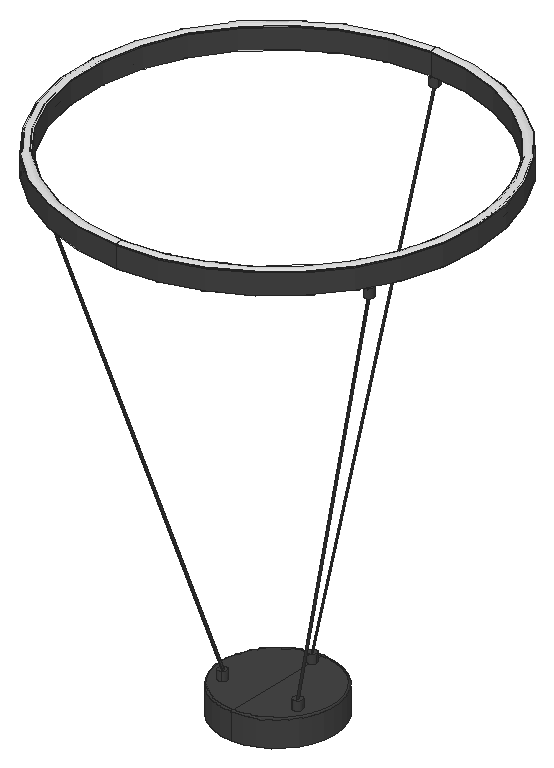
Revit family "AFX-Glo-Led_Pendant_Round-1", category Lighting Fixtures, host Face, Revit 2020
Family settings
  Host = Face
  Round Connector Dimension = Use Diameter
  Part Type = Normal
  Cut with Voids When Loaded = No
  Light Source = Yes
  Shared = No
  Room Calculation Point = No
Parameters (values of type "GLOP24L30D1BK")
  Wattage Comments = "30W"
  Wattage = 19 W
  built-in parameter 1150110 = 1 (stored number, unit not read)
  Voltage = 120 V
  URL = "https://www.afxinc.com/"
  Type Comments = "GLO"  # constant formula
  built-in parameter 1114217 = 1 (stored number, unit not read)
  Tilt Angle = 90.00°
  built-in parameter 1150109 = 1 (stored number, unit not read)
  built-in parameter 1150134 = (empty or 0)
  built-in parameter 1150113 = 1 (stored number, unit not read)
  H [instance] = if(and(Ceiling Distance > 10", Ceiling Distance < 108"), Ceiling Distance, 10")  # 30"
  Diffuser Finish = AFX - White Acrylic
  Revit Model Built By = "https://servex-us.com/servex-revit/"
  Product Documentation Link = "https://www.afxinc.com/products/productDetail.cfm?productID=1912"
  Photometric Web File = "GLOP24L30D1xx_IES.IES"
  Model = "GLOP24L30D1BK"
  Manufacturer = "AFX Inc"  # constant formula
  built-in parameter 1150105 = 224.59 (stored number, unit not read)
  Lumens = 2822.3 lm
  built-in parameter 1150115 = 1 (stored number, unit not read)
  built-in parameter 1150137 = (empty or 0)
  built-in parameter 1150139 = (empty or 0)
  built-in parameter 1150112 = 1 (stored number, unit not read)
  built-in parameter 1150114 = 1 (stored number, unit not read)
  Lamp = "LED"
  built-in parameter 1150132 = (empty or 0)
  built-in parameter 1150102 = (empty or 0)
  built-in parameter 1150107 = 3000 (stored number, unit not read)
  built-in parameter 1150138 = (empty or 0)
  built-in parameter 1150106 = 2.2459 (stored number, unit not read)
  Height = 1 1/4"
  Emit from Circle Diameter = 24"
  Emit Shape Visible in Rendering = no
  built-in parameter 1150104 = 13.8 (stored number, unit not read)
  Dimming Lamp Color Temperature Shift = <None>
  Diameter = 23 3/4"
  Description = "LED Pendant Round - 23 3/4\" Diameter"
  Default Elevation = 48"
  Connector Finish = AFX - Aluminum Black
  Colour Rendering Index = "90 CRI"
  Color Rendering Index = 90
  Color Filter = 16777215
  Ceiling Distance [instance] = 30"
  Canopy Finish = AFX - Aluminum Black
  Cable Finish = AFX - Aluminum Black
  Body Finish = AFX - Aluminum Black
  built-in parameter 1114218 = 1 (stored number, unit not read)
  built-in parameter 1150133 = 10 (stored number, unit not read)
  Assembly Code = "D5020200"
  Apparent Load = 0 VA
Types (3): name | Wattage Comments | H | Photometric Web File | Model | Diameter | Description | Ceiling Distance
  (no name) | "30W" | 30" | "GLOP24L30D1xx_IES.IES" | "GLOP24L30D1BK" | 23 3/4" | "LED Pendant Round - 23 3/4\" Diameter" | 30"
  GLOP24L30D1BK | "30W" | 30" | "GLOP24L30D1xx_IES.IES" | "GLOP24L30D1BK" | 23 3/4" | "LED Pendant Round - 23 3/4\" Diameter" | 30"
  GLOP36L30D1BK | "40W" | 40" | "GLOP36L30D1xx_IES.IES" | "GLOP36L30D1BK" | 35 1/2" | "LED Pendant Round - 35 1/2\" Diameter" | 40"
Reference planes (in)
  plane 1 "Center (Front/Back)": y = 0
  plane 2: z = 0
  plane 3 "Center (Left/Right)": x = 0
  plane 4: z = 30
  plane 5: z = 1.58343
  plane 6: x = -11.875
  plane 7: x = 11.875
  plane 8: y = 11.875
  plane 9: y = -11.875
  plane 10: z = 28.58
  plane 11: z = 29.29
Forms (in)
  Revolve 1, solid, material "AFX - Aluminum Black" <- "Body Finish"
    sketch origin (0, 0, 0) x (0, 1, 0) y (0, 0, 1)
      loop
        line (11.83615, 29.48793) -> (11.78263, 29.48793) -> (11.78263, 29.40876) -> (11.40487, 29.40876) -> (11.40487, 29.48793) -> (11.35135, 29.48793) -> (11.35135, 29.83628) -> (11.40484, 29.83628) -> (11.40484, 29.88379) -> (11.3125, 29.88379) -> (11.3125, 28.69621) -> (11.40484, 28.69621) -> (11.40484, 28.74372) -> (11.35135, 28.74372) -> (11.35135, 29.09207) -> (11.40487, 29.09207) -> (11.40487, 29.17124) -> (11.78263, 29.17124) -> (11.78263, 29.09207) -> (11.83615, 29.09207) -> (11.83615, 28.74372) -> (11.78266, 28.74372) -> (11.78266, 28.69621) -> (11.875, 28.69621) -> (11.875, 29.88379) -> (11.78266, 29.88379) -> (11.78266, 29.83628) -> (11.83615, 29.83628) -> (11.83615, 29.48793)
      axis (0, 29.88379) -> (0, 28.69621)
    angle from 0 to 360
  Revolve 2, solid, material "AFX - White Acrylic" <- "Diffuser Finish"
    sketch origin (0, 0, 0) x (0, 1, 0) y (0, 0, 1)
      loop
        arc (11.85265, 29.89696) -> (11.86911, 29.90959) -> (11.86117, 29.92875) r 0.01704
        arc (11.86117, 29.92875) -> (11.59646, 30.00042) -> (11.33101, 29.93149) r 0.53496
        arc (11.33101, 29.93149) -> (11.32223, 29.91073) -> (11.34008, 29.89696) r 0.01845
        line (11.34008, 29.89696) -> (11.40484, 29.89696) -> (11.40484, 29.82456) -> (11.43609, 29.82456) -> (11.43609, 29.90868)
        arc (11.43609, 29.90868) -> (11.59375, 29.93747) -> (11.75141, 29.90868) r 0.44616
        line (11.75141, 29.90868) -> (11.75141, 29.82456) -> (11.78266, 29.82456) -> (11.78266, 29.89696) -> (11.85265, 29.89696)
      loop
        line (11.85265, 28.68304) -> (11.78266, 28.68304) -> (11.78266, 28.75544) -> (11.75141, 28.75544) -> (11.75141, 28.67132)
        arc (11.75141, 28.67132) -> (11.59375, 28.64253) -> (11.43609, 28.67132) r 0.44616
        line (11.43609, 28.67132) -> (11.43609, 28.75544) -> (11.40484, 28.75544) -> (11.40484, 28.68304) -> (11.34008, 28.68304)
        arc (11.34008, 28.68304) -> (11.32223, 28.66927) -> (11.33101, 28.64851) r 0.01845
        arc (11.33101, 28.64851) -> (11.59646, 28.57958) -> (11.86117, 28.65125) r 0.53496
        arc (11.86117, 28.65125) -> (11.86911, 28.67041) -> (11.85265, 28.68304) r 0.01704
      axis (0, 29.93149) -> (0, 28.64851)
    angle from 0 to 360
  Revolve 3, solid, material "AFX - Aluminum Black" <- "Canopy Finish"
    sketch origin (0, 0, 0) x (0, 1, 0) y (0, 0, 1)
      loop
        line (3.28822, 1.58343) -> (0, 1.58343) -> (0, 0) -> (3.36479, 0) -> (3.36479, 1.50686)
        arc (3.36479, 1.50686) -> (3.34236, 1.561) -> (3.28822, 1.58343) r 0.07657
      axis (0, 1.58343) -> (0, 0)
    angle from 0 to 360
Lines and regions (in)
  symbolic lines
    curve 1: arc (0, 3.36479, 36) -> (-3.36479, 0, 36) -> (0, -3.36479, 36) r 3.36479
    curve 2: arc (0, -3.36479, 36) -> (3.36479, 0, 36) -> (0, 3.36479, 36) r 3.36479
    curve 3: arc (0, 11.875, 36) -> (-11.875, 0, 36) -> (0, -11.875, 36) r 11.875
    curve 4: arc (0, -11.875, 36) -> (11.875, 0, 36) -> (0, 11.875, 36) r 11.875
    curve 5: arc (0, -11.3125, 36) -> (11.3125, 0, 36) -> (0, 11.3125, 36) r 11.3125
    curve 6: arc (0, 11.3125, 36) -> (-11.3125, 0, 36) -> (0, -11.3125, 36) r 11.3125
Dimensions and locks (in)
  equal spacing: plane 6, plane 3 "Center (Left/Right)", plane 7
  "Diameter": plane 6 to plane 7
  equal spacing: plane 8, plane 1 "Center (Front/Back)", plane 9
  "Diameter": plane 8 to plane 9
  plane 8 to Revolve 2 sketch curve to Revolve 2 sketch curve to Revolve 2 sketch curve to Revolve 2 sketch curve to Revolve 2 sketch curve to Revolve 2 sketch curve to Revolve 2 sketch curve = 0.02235" locked, 0.06999" locked, 1/32" locked, 0.15766" locked, 0.15766" locked, 1/32" locked, 0.06476" locked  (x2)
  locked: plane 8 to Revolve 2 sketch curve at 0.28131  (x2)
  plane 10 to Revolve 2 sketch curve to Revolve 2 sketch curve to Revolve 2 sketch curve to Revolve 2 sketch curve to Revolve 2 sketch curve = 0.086" locked, 0.01704" locked, 0.0724" locked, 0.33326" locked, 0.02584" locked
  Revolve 2 sketch curve to Revolve 2 sketch curve to Revolve 2 sketch curve to plane 10 = 0.0724" locked, 0.01845" locked, 0.08458" locked
  Revolve 2 sketch curve to Revolve 2 sketch curve to Revolve 2 sketch curve to Revolve 2 sketch curve to Revolve 2 sketch curve to plane 4 = 0.02584" locked, 0.33326" locked, 0.0724" locked, 0.01704" locked, 0.086" locked
  plane 4 to Revolve 2 sketch curve to Revolve 2 sketch curve to Revolve 2 sketch curve = 0.08458" locked, 0.01845" locked, 0.0724" locked
  locked: plane 5 to plane 2 at 1.58343
  locked: plane 4 to plane 10 at 1.42
  "H": plane 4 to plane 2
  plane 8 to Revolve 1 sketch curve to Revolve 1 sketch curve to Revolve 1 sketch curve to Revolve 1 sketch curve to Revolve 1 sketch curve = 0.03885" locked, 0.05348" locked, 0.37782" locked, 0.05348" locked, 0.03885" locked
  plane 8 to Revolve 1 sketch curve to Revolve 1 sketch curve = 0.09237" locked, 0.37776" locked  (x2)
  plane 8 to Revolve 1 sketch curve to Revolve 1 sketch curve to Revolve 1 sketch curve to Revolve 1 sketch curve = 0.03885" locked, 0.05348" locked, 0.37782" locked, 0.05348" locked
  plane 10 to Revolve 1 sketch curve to Revolve 1 sketch curve to Revolve 1 sketch curve to Revolve 1 sketch curve to Revolve 1 sketch curve to Revolve 1 sketch curve to Revolve 1 sketch curve to Revolve 1 sketch curve = 0.11621" locked, 0.0475" locked, 0.34835" locked, 0.07917" locked, 0.23751" locked, 0.07917" locked, 0.34835" locked, 0.0475" locked
  Revolve 1 sketch curve to Revolve 1 sketch curve to Revolve 1 sketch curve to Revolve 1 sketch curve to Revolve 1 sketch curve to Revolve 1 sketch curve to plane 10 = 0.0475" locked, 0.34835" locked, 0.39586" locked, 0.34835" locked, 0.0475" locked, 0.11621" locked
  Revolve 3 sketch curve to Revolve 3 sketch curve to plane 1 "Center (Front/Back)" = 0.07657" locked, 3.28822" locked
  locked: plane 5 to Revolve 3 sketch curve at 0.07657
  equal spacing: plane 4, plane 11, plane 10, locked at 0.71 each
  aligned and locked: plane 2 to host face
  aligned and locked: level to host face
  aligned and locked: Revolve 1 sketch curve to plane 1 "Center (Front/Back)"
  aligned and locked: plane 8 to Revolve 1 sketch curve
  aligned and locked: Revolve 3 sketch curve to plane 1 "Center (Front/Back)"  (x2)
  aligned and locked: Revolve 3 sketch curve to plane 5
  aligned and locked: plane 1 "Center (Front/Back)" to nested 1
  aligned and locked: plane 5 to nested 1
  aligned and locked: curve 1 to Revolve 3
  aligned and locked: curve 2 to Revolve 3
  aligned and locked: imposter light to plane 1 "Center (Front/Back)"
  aligned and locked: imposter light to plane 3 "Center (Left/Right)"
  aligned and locked: imposter light to plane 11
  aligned and locked: curve 3 to Revolve 1
  aligned and locked: curve 4 to Revolve 1
  aligned and locked: curve 5 to Revolve 1
  aligned and locked: curve 6 to Revolve 1
Automatic sketch dimensions
  host sketch curve to host sketch curve = 96"  (x2)
  Revolve 2 sketch curve to plane 1 "Center (Front/Back)" = 0"
  Revolve 2 sketch curve to Revolve 2 sketch curve = 3/256"  (x2)
  Revolve 2 sketch curve to Revolve 2 sketch curve = 0"  (x2)
  Revolve 2 sketch curve to plane 10 = 2.58"
  plane 4 to Revolve 2 sketch curve = 3 1/2"
  Revolve 1 sketch curve to plane 10 = 5.33"
  plane 4 to Revolve 1 sketch curve = 2 3/4"
  Revolve 3 sketch curve to level = 0"
  Revolve 3 sketch curve to Revolve 3 sketch curve = 3.66657"
  Revolve 3 sketch curve to Revolve 3 sketch curve = 4"
Nested families (in)
  nested 1: "Cable" at (0, 0, 0.00863), Diameter <- "Diameter", H <- "Ceiling Distance", Cable Finish <- "Cable Finish", Connector Finish <- "Connector Finish", type "Cable"
    with H 30", Diameter 23 3/4", Connector Finish AFX - Aluminum Black, Cable Finish AFX - Aluminum Black
  nested 2: "Cable" at (0, 0, 0.00863) x (-0.5, 0.866, 0) z (0, 0, 1), Diameter <- "Diameter", H <- "Ceiling Distance", Cable Finish <- "Cable Finish", Connector Finish <- "Connector Finish", type "Cable"
    with H 30", Diameter 23 3/4", Connector Finish AFX - Aluminum Black, Cable Finish AFX - Aluminum Black
  nested 3: "Cable" at (0, 0, 0.00863) x (0.5, 0.866, 0) z (0, 0, 1), Diameter <- "Diameter", H <- "Ceiling Distance", Cable Finish <- "Cable Finish", Connector Finish <- "Connector Finish", type "Cable"
    with H 30", Diameter 23 3/4", Connector Finish AFX - Aluminum Black, Cable Finish AFX - Aluminum Black
Connectors (in)
  electrical at (0, 0, 0), driven by "Voltage", driven by "Apparent Load"
    settings: on Revolve 3, index 1, voltage 120 V, apparent load 0 VA, apparent load phase1 0 VA, apparent load phase2 0 VA, apparent load phase3 0 VA, power factor 1, load classification "Lighting", number of poles 1, system type 31, power factor state 1, is connector primary yes, connector utility no, sub classification motor no, connector description ""
Definition of nested family "Cable"
  Parameters (values of type "Cable")
    H [instance] = 41.06718"
    Diameter [instance] = 23 3/4"
    Default Elevation = 0"
    Connector Finish [instance] = none
    Cable Finish [instance] = none
  Reference planes (in)
    plane 1 "Center (Front/Back)": y = 0
    plane 2: z = 0
    plane 3 "Center (Left/Right)": x = 0
    plane 4: z = 1.5748
    plane 5: z = 39.6453
    plane 6: z = 41.06718
    plane 7: y = 11.875
    plane 8: y = -11.875
    plane 9: z = 2.06693
    plane 10: z = 39.15318
  Forms (in)
    Extrusion 1, solid, material <- "Connector Finish"
      sketch origin (0, 0, 0) x (1, 0, 0) y (0, 1, 0)
        loop
          circle (0, 2.55761) r 0.25586
      from 1.5748 to 2.06693
    Extrusion 2, solid, material <- "Connector Finish"
      sketch origin (0, 0, 0) x (1, 0, 0) y (0, 1, 0)
        loop
          circle (0, 11.59375) r 0.25586
      from 39.15318 to 39.6453
    Blend 3, solid, material <- "Cable Finish"
      base sketch origin (0, 0, 0) x (1, 0, 0) y (0, 1, 0)
        loop
          circle (0, 2.55761) r 0.03906
      top sketch origin (0, 0, 0) x (1, 0, 0) y (0, 1, 0)
        loop
          circle (0, 11.59375) r 0.03906
      from 2.06693 to 39.15318
  Lines and regions (in)
    symbolic lines
      curve 1: arc (-0.25586, 11.59375, 0) -> (0, 11.33789, 0) -> (0.25586, 11.59375, 0) r 0.25586
      curve 2: arc (0.25586, 11.59375, 0) -> (0, 11.84961, 0) -> (-0.25586, 11.59375, 0) r 0.25586
      curve 5: line (0, 2.55761, 0) -> (0, 11.59375, 0)
    symbolic lines, detail levels medium+fine
      curve 3: arc (0.25586, 2.55761, 0) -> (0, 2.81347, 0) -> (-0.25586, 2.55761, 0) r 0.25586
      curve 4: arc (-0.25586, 2.55761, 0) -> (0, 2.30175, 0) -> (0.25586, 2.55761, 0) r 0.25586
  Dimensions and locks (in)
    plane 6 to plane 5 to plane 10 = 1 27/64" locked, 0.49213" locked
    locked: plane 4 to plane 2 at 1.5748
    equal spacing: plane 7, plane 1 "Center (Front/Back)", plane 8
    "Diameter": plane 7 to plane 8
    "H": plane 6 to plane 2
    locked: plane 7 to Extrusion 2 sketch curve at 0.28125
    locked: plane 1 "Center (Front/Back)" to Extrusion 1 sketch curve at 2.55761
    locked: plane 7 to Blend 3 sketch curve at 0.28125
    locked: plane 1 "Center (Front/Back)" to Blend 3 sketch curve at 2.55761
    locked: plane 7 to curve 5 at 0.28125
    locked: plane 1 "Center (Front/Back)" to curve 5 at 2.55761
    aligned and locked: plane 2 to level
    aligned and locked: Extrusion 1 to plane 4
    aligned and locked: plane 9 to Extrusion 1
    aligned and locked: plane 5 to Extrusion 2
    aligned and locked: Extrusion 2 to plane 10
    aligned and locked: plane 3 "Center (Left/Right)" to Extrusion 2 sketch curve
    aligned and locked: plane 3 "Center (Left/Right)" to Extrusion 1 sketch curve
    aligned and locked: Blend 3 to plane 9
    aligned and locked: plane 10 to Blend 3
    aligned and locked: plane 3 "Center (Left/Right)" to Blend 3 sketch curve  (x2)
    aligned and locked: curve 1 to Extrusion 2
    aligned and locked: curve 2 to Extrusion 2
    aligned and locked: curve 3 to Extrusion 1
  Automatic sketch dimensions
    curve 5 to plane 3 "Center (Left/Right)" = 0"
    radius of Extrusion 1 sketch curve = 0.25586"
    radius of Extrusion 2 sketch curve = 0.25586"
    radius of Blend 3 sketch curve = 5/128"  (x2)
